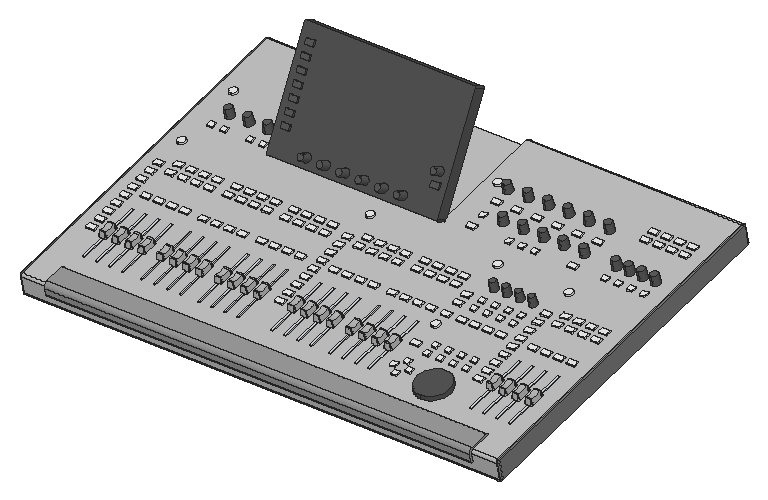
Revit family "Wing", category Communication Devices, Revit 2020 (continued)
Forms (mm)
  Blend 194, solid, material "Aluminium, Black"
    base sketch origin (533.97, 26.016, 138.436) x (0, -0.970299, -0.24191) y (1, 0, 0)
      loop
        circle (-154.61, -374.215) r 7.737
    top sketch origin (533.97, 26.016, 138.436) x (0, -0.970299, -0.24191) y (1, 0, 0)
      loop
        circle (-154.61, -374.215) r 6.534
    from 1 to 16.5
  Blend 195, solid, material "Aluminium, Black"
    base sketch origin (570.81, 26.016, 138.436) x (0, -0.970299, -0.24191) y (1, 0, 0)
      loop
        circle (-154.61, -374.215) r 7.737
    top sketch origin (570.81, 26.016, 138.436) x (0, -0.970299, -0.24191) y (1, 0, 0)
      loop
        circle (-154.61, -374.215) r 6.534
    from 1 to 16.5
  Blend 196, solid, material "Aluminium, Black"
    base sketch origin (607.65, 26.016, 138.436) x (0, -0.970299, -0.24191) y (1, 0, 0)
      loop
        circle (-154.61, -374.215) r 7.737
    top sketch origin (607.65, 26.016, 138.436) x (0, -0.970299, -0.24191) y (1, 0, 0)
      loop
        circle (-154.61, -374.215) r 6.534
    from 1 to 16.5
  Blend 197, solid, material "Aluminium, Black"
    base sketch origin (460.29, 26.016, 138.436) x (0, -0.970299, -0.24191) y (1, 0, 0)
      loop
        circle (-154.61, -374.215) r 7.737
    top sketch origin (460.29, 26.016, 138.436) x (0, -0.970299, -0.24191) y (1, 0, 0)
      loop
        circle (-154.61, -374.215) r 6.534
    from 1 to 16.5
  Blend 198, solid, material "Aluminium, Black"
    base sketch origin (644.49, -30.972, 124.228) x (0, -0.970299, -0.24191) y (1, 0, 0)
      loop
        circle (-154.61, -374.215) r 7.737
    top sketch origin (644.49, -30.972, 124.228) x (0, -0.970299, -0.24191) y (1, 0, 0)
      loop
        circle (-154.61, -374.215) r 6.534
    from 1 to 16.5
  Blend 199, solid, material "Aluminium, Black"
    base sketch origin (644.49, 26.016, 138.436) x (0, -0.970299, -0.24191) y (1, 0, 0)
      loop
        circle (-154.61, -374.215) r 7.737
    top sketch origin (644.49, 26.016, 138.436) x (0, -0.970299, -0.24191) y (1, 0, 0)
      loop
        circle (-154.61, -374.215) r 6.534
    from 1 to 16.5
  Blend 200, solid, material "Aluminium, Black"
    base sketch origin (703.076, -30.972, 124.228) x (0, -0.970299, -0.24191) y (1, 0, 0)
      loop
        circle (-154.61, -374.215) r 7.737
    top sketch origin (703.076, -30.972, 124.228) x (0, -0.970299, -0.24191) y (1, 0, 0)
      loop
        circle (-154.61, -374.215) r 6.534
    from 1 to 16.5
  Blend 201, solid, material "Aluminium, Black"
    base sketch origin (726.595, -30.972, 124.228) x (0, -0.970299, -0.24191) y (1, 0, 0)
      loop
        circle (-154.61, -374.215) r 7.737
    top sketch origin (726.595, -30.972, 124.228) x (0, -0.970299, -0.24191) y (1, 0, 0)
      loop
        circle (-154.61, -374.215) r 6.534
    from 1 to 16.5
  Blend 202, solid, material "Aluminium, Black"
    base sketch origin (750.113, -30.972, 124.228) x (0, -0.970299, -0.24191) y (1, 0, 0)
      loop
        circle (-154.61, -374.215) r 7.737
    top sketch origin (750.113, -30.972, 124.228) x (0, -0.970299, -0.24191) y (1, 0, 0)
      loop
        circle (-154.61, -374.215) r 6.534
    from 1 to 16.5
  Blend 203, solid, material "Aluminium, Black"
    base sketch origin (773.632, -30.972, 124.228) x (0, -0.970299, -0.24191) y (1, 0, 0)
      loop
        circle (-154.61, -374.215) r 7.737
    top sketch origin (773.632, -30.972, 124.228) x (0, -0.970299, -0.24191) y (1, 0, 0)
      loop
        circle (-154.61, -374.215) r 6.534
    from 1 to 16.5
  Blend 204, solid, material "Aluminium, Black"
    base sketch origin (644.575, -148.488, 94.93) x (0, -0.970299, -0.24191) y (1, 0, 0)
      loop
        circle (-154.61, -374.215) r 6.7
    top sketch origin (644.575, -148.488, 94.93) x (0, -0.970299, -0.24191) y (1, 0, 0)
      loop
        circle (-154.61, -374.215) r 5.6
    from 1 to 16.5
  Blend 205, solid, material "Aluminium, Black"
    base sketch origin (621.056, -148.488, 94.93) x (0, -0.970299, -0.24191) y (1, 0, 0)
      loop
        circle (-154.61, -374.215) r 6.7
    top sketch origin (621.056, -148.488, 94.93) x (0, -0.970299, -0.24191) y (1, 0, 0)
      loop
        circle (-154.61, -374.215) r 5.6
    from 1 to 16.5
  Blend 206, solid, material "Aluminium, Black"
    base sketch origin (597.538, -148.488, 94.93) x (0, -0.970299, -0.24191) y (1, 0, 0)
      loop
        circle (-154.61, -374.215) r 6.7
    top sketch origin (597.538, -148.488, 94.93) x (0, -0.970299, -0.24191) y (1, 0, 0)
      loop
        circle (-154.61, -374.215) r 5.6
    from 1 to 16.5
  Blend 207, solid, material "Aluminium, Black"
    base sketch origin (574.019, -148.488, 94.93) x (0, -0.970299, -0.24191) y (1, 0, 0)
      loop
        circle (-154.61, -374.215) r 6.7
    top sketch origin (574.019, -148.488, 94.93) x (0, -0.970299, -0.24191) y (1, 0, 0)
      loop
        circle (-154.61, -374.215) r 5.6
    from 1 to 16.5
  Extrusion 208, solid, material "LED, White, Off"
    sketch origin (731.631, 111.518, 159.753) x (0, -0.970299, -0.24191) y (1, 0, 0)
      loop
        line (136.261, -409.214) -> (136.261, -395.979)
        arc (136.261, -395.979) -> (136.027, -395.414) -> (135.461, -395.179) r 0.8
        line (135.461, -395.179) -> (127.386, -395.179)
        arc (127.386, -395.179) -> (126.82, -395.414) -> (126.586, -395.979) r 0.8
        line (126.586, -395.979) -> (126.586, -409.214)
        arc (126.586, -409.214) -> (126.82, -409.78) -> (127.386, -410.014) r 0.8
        line (127.386, -410.014) -> (135.461, -410.014)
        arc (135.461, -410.014) -> (136.027, -409.78) -> (136.261, -409.214) r 0.8
    from 0 to 2
  Extrusion 209, solid, material "LED, White, Off"
    sketch origin (731.631, 130.507, 164.487) x (0, -0.970299, -0.24191) y (1, 0, 0)
      loop
        line (136.261, -409.214) -> (136.261, -395.979)
        arc (136.261, -395.979) -> (136.027, -395.414) -> (135.461, -395.179) r 0.8
        line (135.461, -395.179) -> (127.386, -395.179)
        arc (127.386, -395.179) -> (126.82, -395.414) -> (126.586, -395.979) r 0.8
        line (126.586, -395.979) -> (126.586, -409.214)
        arc (126.586, -409.214) -> (126.82, -409.78) -> (127.386, -410.014) r 0.8
        line (127.386, -410.014) -> (135.461, -410.014)
        arc (135.461, -410.014) -> (136.027, -409.78) -> (136.261, -409.214) r 0.8
    from 0 to 2
  Extrusion 210, solid, material "LED, White, Off"
    sketch origin (755.149, 111.518, 159.753) x (0, -0.970299, -0.24191) y (1, 0, 0)
      loop
        line (136.261, -409.214) -> (136.261, -395.979)
        arc (136.261, -395.979) -> (136.027, -395.414) -> (135.461, -395.179) r 0.8
        line (135.461, -395.179) -> (127.386, -395.179)
        arc (127.386, -395.179) -> (126.82, -395.414) -> (126.586, -395.979) r 0.8
        line (126.586, -395.979) -> (126.586, -409.214)
        arc (126.586, -409.214) -> (126.82, -409.78) -> (127.386, -410.014) r 0.8
        line (127.386, -410.014) -> (135.461, -410.014)
        arc (135.461, -410.014) -> (136.027, -409.78) -> (136.261, -409.214) r 0.8
    from 0 to 2
  Extrusion 211, solid, material "LED, White, Off"
    sketch origin (755.149, 130.507, 164.487) x (0, -0.970299, -0.24191) y (1, 0, 0)
      loop
        line (136.261, -409.214) -> (136.261, -395.979)
        arc (136.261, -395.979) -> (136.027, -395.414) -> (135.461, -395.179) r 0.8
        line (135.461, -395.179) -> (127.386, -395.179)
        arc (127.386, -395.179) -> (126.82, -395.414) -> (126.586, -395.979) r 0.8
        line (126.586, -395.979) -> (126.586, -409.214)
        arc (126.586, -409.214) -> (126.82, -409.78) -> (127.386, -410.014) r 0.8
        line (127.386, -410.014) -> (135.461, -410.014)
        arc (135.461, -410.014) -> (136.027, -409.78) -> (136.261, -409.214) r 0.8
    from 0 to 2
  Extrusion 212, solid, material "LED, White, Off"
    sketch origin (778.668, 111.518, 159.753) x (0, -0.970299, -0.24191) y (1, 0, 0)
      loop
        line (136.261, -409.214) -> (136.261, -395.979)
        arc (136.261, -395.979) -> (136.027, -395.414) -> (135.461, -395.179) r 0.8
        line (135.461, -395.179) -> (127.386, -395.179)
        arc (127.386, -395.179) -> (126.82, -395.414) -> (126.586, -395.979) r 0.8
        line (126.586, -395.979) -> (126.586, -409.214)
        arc (126.586, -409.214) -> (126.82, -409.78) -> (127.386, -410.014) r 0.8
        line (127.386, -410.014) -> (135.461, -410.014)
        arc (135.461, -410.014) -> (136.027, -409.78) -> (136.261, -409.214) r 0.8
    from 0 to 2
  Extrusion 213, solid, material "LED, White, Off"
    sketch origin (778.668, 130.507, 164.487) x (0, -0.970299, -0.24191) y (1, 0, 0)
      loop
        line (136.261, -409.214) -> (136.261, -395.979)
        arc (136.261, -395.979) -> (136.027, -395.414) -> (135.461, -395.179) r 0.8
        line (135.461, -395.179) -> (127.386, -395.179)
        arc (127.386, -395.179) -> (126.82, -395.414) -> (126.586, -395.979) r 0.8
        line (126.586, -395.979) -> (126.586, -409.214)
        arc (126.586, -409.214) -> (126.82, -409.78) -> (127.386, -410.014) r 0.8
        line (127.386, -410.014) -> (135.461, -410.014)
        arc (135.461, -410.014) -> (136.027, -409.78) -> (136.261, -409.214) r 0.8
    from 0 to 2
  Extrusion 214, solid, material "LED, White, Off"
    sketch origin (802.187, 111.518, 159.753) x (0, -0.970299, -0.24191) y (1, 0, 0)
      loop
        line (136.261, -409.214) -> (136.261, -395.979)
        arc (136.261, -395.979) -> (136.027, -395.414) -> (135.461, -395.179) r 0.8
        line (135.461, -395.179) -> (127.386, -395.179)
        arc (127.386, -395.179) -> (126.82, -395.414) -> (126.586, -395.979) r 0.8
        line (126.586, -395.979) -> (126.586, -409.214)
        arc (126.586, -409.214) -> (126.82, -409.78) -> (127.386, -410.014) r 0.8
        line (127.386, -410.014) -> (135.461, -410.014)
        arc (135.461, -410.014) -> (136.027, -409.78) -> (136.261, -409.214) r 0.8
    from 0 to 2
  Extrusion 215, solid, material "LED, White, Off"
    sketch origin (802.187, 130.507, 164.487) x (0, -0.970299, -0.24191) y (1, 0, 0)
      loop
        line (136.261, -409.214) -> (136.261, -395.979)
        arc (136.261, -395.979) -> (136.027, -395.414) -> (135.461, -395.179) r 0.8
        line (135.461, -395.179) -> (127.386, -395.179)
        arc (127.386, -395.179) -> (126.82, -395.414) -> (126.586, -395.979) r 0.8
        line (126.586, -395.979) -> (126.586, -409.214)
        arc (126.586, -409.214) -> (126.82, -409.78) -> (127.386, -410.014) r 0.8
        line (127.386, -410.014) -> (135.461, -410.014)
        arc (135.461, -410.014) -> (136.027, -409.78) -> (136.261, -409.214) r 0.8
    from 0 to 2
  Extrusion 216, void
    sketch origin (0, 223.328, 0) x (0, 0, 1) y (1, 0, 0)
      loop
        circle (121.426, 221.81) r 11.2
    from 0 to -16
  Extrusion 217, void
    sketch origin (-158.823, 223.328, -78.857) x (0, 0, 1) y (1, 0, 0)
      loop
        circle (121.426, 221.81) r 11.2
    from 0 to -16
  Extrusion 218, void
    sketch origin (-74.281, 223.328, -38.655) x (0, 0, 1) y (1, 0, 0)
      loop
        circle (121.426, 221.81) r 11.2
    from 0 to -16
  Extrusion 219, void
    sketch origin (-273.744, 223.328, -38.655) x (0, 0, 1) y (1, 0, 0)
      loop
        circle (121.426, 221.81) r 11.2
    from 0 to -16
  Extrusion 220, void
    sketch origin (-188.956, 223.328, -78.885) x (0, 0, 1) y (1, 0, 0)
      loop
        circle (121.426, 221.81) r 11.2
    from 0 to -16
  Extrusion 221, void
    sketch origin (-219.172, 223.328, -78.707) x (0, 0, 1) y (1, 0, 0)
      loop
        circle (121.426, 221.81) r 11.2
    from 0 to -16
  Extrusion 222, void
    sketch origin (-248.413, 223.328, -78.914) x (0, 0, 1) y (1, 0, 0)
      loop
        circle (121.426, 221.81) r 11.2
    from 0 to -16
  Extrusion 223, void
    sketch origin (-276.208, 223.328, -78.621) x (0, 0, 1) y (1, 0, 0)
      loop
        circle (121.426, 221.81) r 11.2
    from 0 to -16
  Extrusion 224, void
    sketch origin (-304.245, 223.328, -78.798) x (0, 0, 1) y (1, 0, 0)
      loop
        circle (121.426, 221.81) r 11.2
    from 0 to -16
  Extrusion 225, void
    sketch origin (0, 223.328, 0) x (0, 0, 1) y (1, 0, 0)
      loop
        line (51.479, 208.34) -> (26.479, 208.34) -> (26.479, 170.175) -> (51.479, 170.175) -> (51.479, 208.34)
    from 0 to -20
  Extrusion 226, void
    sketch origin (-243.218, 223.328, -38.849) x (0, 0, 1) y (1, 0, 0)
      loop
        circle (121.426, 221.81) r 11.2
    from 0 to -16
  Extrusion 227, void
    sketch origin (-442.681, 223.328, -38.849) x (0, 0, 1) y (1, 0, 0)
      loop
        circle (121.426, 221.81) r 11.2
    from 0 to -16
  Extrusion 228, void
    sketch origin (-98.415, 223.328, -38.683) x (0, 0, 1) y (1, 0, 0)
      loop
        circle (121.426, 221.81) r 11.2
    from 0 to -16
  Extrusion 229, void
    sketch origin (-297.878, 223.328, -38.683) x (0, 0, 1) y (1, 0, 0)
      loop
        circle (121.426, 221.81) r 11.2
    from 0 to -16
  Extrusion 230, void
    sketch origin (-122.549, 223.328, -38.71) x (0, 0, 1) y (1, 0, 0)
      loop
        circle (121.426, 221.81) r 11.2
    from 0 to -16
  Extrusion 231, void
    sketch origin (-322.011, 223.328, -38.71) x (0, 0, 1) y (1, 0, 0)
      loop
        circle (121.426, 221.81) r 11.2
    from 0 to -16
  Extrusion 232, void
    sketch origin (-146.683, 223.328, -38.738) x (0, 0, 1) y (1, 0, 0)
      loop
        circle (121.426, 221.81) r 11.2
    from 0 to -16
  Extrusion 233, void
    sketch origin (-346.145, 223.328, -38.738) x (0, 0, 1) y (1, 0, 0)
      loop
        circle (121.426, 221.81) r 11.2
    from 0 to -16
  Extrusion 234, void
    sketch origin (-170.817, 223.328, -38.766) x (0, 0, 1) y (1, 0, 0)
      loop
        circle (121.426, 221.81) r 11.2
    from 0 to -16
  Extrusion 235, void
    sketch origin (-370.279, 223.328, -38.766) x (0, 0, 1) y (1, 0, 0)
      loop
        circle (121.426, 221.81) r 11.2
    from 0 to -16
  Extrusion 236, void
    sketch origin (-194.95, 223.328, -38.794) x (0, 0, 1) y (1, 0, 0)
      loop
        circle (121.426, 221.81) r 11.2
    from 0 to -16
  Extrusion 237, void
    sketch origin (-394.413, 223.328, -38.794) x (0, 0, 1) y (1, 0, 0)
      loop
        circle (121.426, 221.81) r 11.2
    from 0 to -16
  Extrusion 238, void
    sketch origin (-219.084, 223.328, -38.822) x (0, 0, 1) y (1, 0, 0)
      loop
        circle (121.426, 221.81) r 11.2
    from 0 to -16
  Extrusion 239, void
    sketch origin (-418.547, 223.328, -38.822) x (0, 0, 1) y (1, 0, 0)
      loop
        circle (121.426, 221.81) r 11.2
    from 0 to -16
  Extrusion 240, solid, material "ABS - Black"
    sketch origin (0, 487.235, 0) x (1, 0, 0) y (0, 1, 0)
      loop
        circle (197.741, -644.061) r 22.711
    from 0 to 16.351
  Extrusion 241, solid, material "ABS - Black"
    sketch origin (0, 815.912, 0) x (1, 0, 0) y (0, 1, 0)
      loop
        circle (197.741, -644.061) r 22.711
    from 0 to 16.351
  Extrusion 242, solid, material "ABS - Black"
    sketch origin (0, 487.235, 0) x (-1, 0, 0) y (0, -1, 0)
      loop
        circle (197.741, 644.061) r 22.711
    from 0 to 16.351
  Extrusion 243, solid, material "ABS - Black"
    sketch origin (0, 815.912, 0) x (-1, 0, 0) y (0, -1, 0)
      loop
        circle (197.741, 644.061) r 22.711
    from 0 to 16.351
Cuts and joins
  Extrusion 6 cuts Extrusion 1
  Extrusion 216, Extrusion 217, Extrusion 218, Extrusion 219, Extrusion 220, Extrusion 221, Extrusion 222, Extrusion 223, Extrusion 224, Extrusion 225, Extrusion 226, Extrusion 227, Extrusion 228, Extrusion 229, Extrusion 230, Extrusion 231, Extrusion 232, Extrusion 233, Extrusion 234, Extrusion 235, Extrusion 236, Extrusion 237, Extrusion 238, Extrusion 239 cuts Extrusion 4
Lines and regions (mm)
  Split face 1
    outline origin (432, 273.595, 200.161) x (-1, 0, 0) y (0, -0.970299, -0.24191)
      loop
        line (784.493, 125.678) -> (784.493, 127.239) -> (774.493, 127.239) -> (774.493, 125.678) -> (784.493, 125.678)
  Split face 2
    outline origin (432, 273.595, 200.161) x (-1, 0, 0) y (0, -0.970299, -0.24191)
      loop
        arc (785.607, 122.244) -> (787.163, 122.888) -> (787.807, 124.444) r 2.2
        line (787.807, 124.444) -> (787.807, 129.715)
        arc (787.807, 129.715) -> (787.163, 131.27) -> (785.607, 131.915) r 2.2
        line (785.607, 131.915) -> (773.348, 131.915)
        arc (773.348, 131.915) -> (771.793, 131.27) -> (771.148, 129.715) r 2.2
        line (771.148, 129.715) -> (771.148, 124.401)
        arc (771.148, 124.401) -> (771.78, 122.876) -> (773.306, 122.244) r 2.158
        line (773.306, 122.244) -> (785.607, 122.244)
  Split face 3
    outline origin (432, 273.595, 200.161) x (-1, 0, 0) y (0, -0.970299, -0.24191)
      loop
        arc (818.802, 218.052) -> (819.586, 218.377) -> (819.911, 219.161) r 1.109
        line (819.911, 219.161) -> (819.911, 253.147)
        arc (819.911, 253.147) -> (819.589, 253.925) -> (818.811, 254.247) r 1.1
        line (818.811, 254.247) -> (722.897, 254.247)
        arc (722.897, 254.247) -> (722.119, 253.925) -> (721.797, 253.147) r 1.1
        line (721.797, 253.147) -> (721.797, 219.152)
        arc (721.797, 219.152) -> (722.119, 218.374) -> (722.897, 218.052) r 1.1
        line (722.897, 218.052) -> (818.802, 218.052)
  Split face 4
    outline origin (432, 273.595, 200.161) x (-1, 0, 0) y (0, -0.970299, -0.24191)
      loop
        arc (713.802, 218.052) -> (714.586, 218.377) -> (714.911, 219.161) r 1.109
        line (714.911, 219.161) -> (714.911, 253.147)
        arc (714.911, 253.147) -> (714.589, 253.925) -> (713.811, 254.247) r 1.1
        line (713.811, 254.247) -> (617.897, 254.247)
        arc (617.897, 254.247) -> (617.119, 253.925) -> (616.797, 253.147) r 1.1
        line (616.797, 253.147) -> (616.797, 219.152)
        arc (616.797, 219.152) -> (617.119, 218.374) -> (617.897, 218.052) r 1.1
        line (617.897, 218.052) -> (713.802, 218.052)
  Split face 5
    outline origin (432, 273.595, 200.161) x (-1, 0, 0) y (0, -0.970299, -0.24191)
      loop
        arc (609.252, 218.052) -> (610.037, 218.377) -> (610.362, 219.161) r 1.109
        line (610.362, 219.161) -> (610.362, 253.147)
        arc (610.362, 253.147) -> (610.039, 253.925) -> (609.262, 254.247) r 1.1
        line (609.262, 254.247) -> (513.348, 254.247)
        arc (513.348, 254.247) -> (512.57, 253.925) -> (512.248, 253.147) r 1.1
        line (512.248, 253.147) -> (512.248, 219.152)
        arc (512.248, 219.152) -> (512.57, 218.374) -> (513.348, 218.052) r 1.1
        line (513.348, 218.052) -> (609.252, 218.052)
  Split face 6
    outline origin (432, 273.595, 200.161) x (-1, 0, 0) y (0, -0.970299, -0.24191)
      loop
        arc (476.631, 218.052) -> (477.416, 218.377) -> (477.741, 219.161) r 1.109
        line (477.741, 219.161) -> (477.741, 253.147)
        arc (477.741, 253.147) -> (477.418, 253.925) -> (476.641, 254.247) r 1.1
        line (476.641, 254.247) -> (380.727, 254.247)
        arc (380.727, 254.247) -> (379.949, 253.925) -> (379.627, 253.147) r 1.1
        line (379.627, 253.147) -> (379.627, 219.152)
        arc (379.627, 219.152) -> (379.949, 218.374) -> (380.727, 218.052) r 1.1
        line (380.727, 218.052) -> (476.631, 218.052)
  Split face 7
    outline origin (432, 273.595, 200.161) x (-1, 0, 0) y (0, -0.970299, -0.24191)
      loop
        arc (371.841, 218.052) -> (372.626, 218.377) -> (372.951, 219.161) r 1.109
        line (372.951, 219.161) -> (372.951, 253.147)
        arc (372.951, 253.147) -> (372.628, 253.925) -> (371.851, 254.247) r 1.1
        line (371.851, 254.247) -> (275.937, 254.247)
        arc (275.937, 254.247) -> (275.159, 253.925) -> (274.837, 253.147) r 1.1
        line (274.837, 253.147) -> (274.837, 219.152)
        arc (274.837, 219.152) -> (275.159, 218.374) -> (275.937, 218.052) r 1.1
        line (275.937, 218.052) -> (371.841, 218.052)
  Split face 8
    outline origin (432, 273.595, 200.161) x (-1, 0, 0) y (0, -0.970299, -0.24191)
      loop
        arc (244.903, 218.052) -> (245.687, 218.377) -> (246.012, 219.161) r 1.109
        line (246.012, 219.161) -> (246.012, 253.147)
        arc (246.012, 253.147) -> (245.69, 253.925) -> (244.912, 254.247) r 1.1
        line (244.912, 254.247) -> (148.998, 254.247)
        arc (148.998, 254.247) -> (148.221, 253.925) -> (147.898, 253.147) r 1.1
        line (147.898, 253.147) -> (147.898, 219.152)
        arc (147.898, 219.152) -> (148.221, 218.374) -> (148.998, 218.052) r 1.1
        line (148.998, 218.052) -> (244.903, 218.052)
  Split face 9
    outline origin (432, 273.595, 200.161) x (-1, 0, 0) y (0, -0.970299, -0.24191)
      loop
        arc (115.64, 218.052) -> (116.424, 218.377) -> (116.749, 219.161) r 1.109
        line (116.749, 219.161) -> (116.749, 253.147)
        arc (116.749, 253.147) -> (116.427, 253.925) -> (115.649, 254.247) r 1.1
        line (115.649, 254.247) -> (19.736, 254.247)
        arc (19.736, 254.247) -> (18.958, 253.925) -> (18.636, 253.147) r 1.1
        line (18.636, 253.147) -> (18.636, 219.152)
        arc (18.636, 219.152) -> (18.958, 218.374) -> (19.736, 218.052) r 1.1
        line (19.736, 218.052) -> (115.64, 218.052)
  Split face 10
    outline origin (432, 273.595, 200.161) x (-1, 0, 0) y (0, -0.970299, -0.24191)
      loop
        arc (115.373, 110.964) -> (116.157, 111.289) -> (116.482, 112.074) r 1.109
        line (116.482, 112.074) -> (116.482, 132.963)
        arc (116.482, 132.963) -> (116.16, 133.741) -> (115.382, 134.063) r 1.1
        line (115.382, 134.063) -> (19.468, 134.063)
        arc (19.468, 134.063) -> (18.69, 133.741) -> (18.368, 132.963) r 1.1
        line (18.368, 132.963) -> (18.368, 112.064)
        arc (18.368, 112.064) -> (18.69, 111.287) -> (19.468, 110.964) r 1.1
        line (19.468, 110.964) -> (115.373, 110.964)
  Split face 11
    outline origin (432, 273.595, 200.161) x (-1, 0, 0) y (0, -0.970299, -0.24191)
      loop
        arc (381.531, 34.489) -> (382.316, 34.814) -> (382.641, 35.598) r 1.109
        line (382.641, 35.598) -> (382.641, 77.639)
        arc (382.641, 77.639) -> (382.318, 78.416) -> (381.541, 78.739) r 1.1
        line (381.541, 78.739) -> (148.148, 78.739)
        arc (148.148, 78.739) -> (147.371, 78.416) -> (147.048, 77.639) r 1.1
        line (147.048, 77.639) -> (147.048, 35.589)
        arc (147.048, 35.589) -> (147.371, 34.811) -> (148.148, 34.489) r 1.1
        line (148.148, 34.489) -> (381.531, 34.489)
  Split face 12
    outline origin (432, 273.595, 200.161) x (-1, 0, 0) y (0, -0.970299, -0.24191)
      loop
        arc (814.562, 310.164) -> (815.346, 310.489) -> (815.671, 311.273) r 1.109
        line (815.671, 311.273) -> (815.671, 342.612)
        arc (815.671, 342.612) -> (815.349, 343.39) -> (814.571, 343.712) r 1.1
        line (814.571, 343.712) -> (727.136, 343.712)
        arc (727.136, 343.712) -> (726.359, 343.39) -> (726.036, 342.612) r 1.1
        line (726.036, 342.612) -> (726.036, 311.264)
        arc (726.036, 311.264) -> (726.359, 310.486) -> (727.136, 310.164) r 1.1
        line (727.136, 310.164) -> (814.562, 310.164)
  Split face 13
    outline origin (432, 273.595, 200.161) x (-1, 0, 0) y (0, -0.970299, -0.24191)
      loop
        arc (709.786, 310.164) -> (710.571, 310.489) -> (710.896, 311.273) r 1.109
        line (710.896, 311.273) -> (710.896, 342.612)
        arc (710.896, 342.612) -> (710.574, 343.39) -> (709.796, 343.712) r 1.1
        line (709.796, 343.712) -> (622.361, 343.712)
        arc (622.361, 343.712) -> (621.583, 343.39) -> (621.261, 342.612) r 1.1
        line (621.261, 342.612) -> (621.261, 311.264)
        arc (621.261, 311.264) -> (621.583, 310.486) -> (622.361, 310.164) r 1.1
        line (622.361, 310.164) -> (709.786, 310.164)
  Split face 14
    outline origin (432, 273.595, 200.161) x (-1, 0, 0) y (0, -0.970299, -0.24191)
      loop
        arc (605.096, 310.164) -> (605.88, 310.489) -> (606.205, 311.273) r 1.109
        line (606.205, 311.273) -> (606.205, 342.612)
        arc (606.205, 342.612) -> (605.883, 343.39) -> (605.105, 343.712) r 1.1
        line (605.105, 343.712) -> (517.671, 343.712)
        arc (517.671, 343.712) -> (516.893, 343.39) -> (516.571, 342.612) r 1.1
        line (516.571, 342.612) -> (516.571, 311.264)
        arc (516.571, 311.264) -> (516.893, 310.486) -> (517.671, 310.164) r 1.1
        line (517.671, 310.164) -> (605.096, 310.164)
  Split face 15
    outline origin (432, 273.595, 200.161) x (-1, 0, 0) y (0, -0.970299, -0.24191)
      loop
        arc (472.342, 310.164) -> (473.126, 310.489) -> (473.451, 311.273) r 1.109
        line (473.451, 311.273) -> (473.451, 342.612)
        arc (473.451, 342.612) -> (473.129, 343.39) -> (472.351, 343.712) r 1.1
        line (472.351, 343.712) -> (384.917, 343.712)
        arc (384.917, 343.712) -> (384.139, 343.39) -> (383.817, 342.612) r 1.1
        line (383.817, 342.612) -> (383.817, 311.264)
        arc (383.817, 311.264) -> (384.139, 310.486) -> (384.917, 310.164) r 1.1
        line (384.917, 310.164) -> (472.342, 310.164)
  Split face 16
    outline origin (432, 273.595, 200.161) x (-1, 0, 0) y (0, -0.970299, -0.24191)
      loop
        arc (367.298, 310.164) -> (368.083, 310.489) -> (368.408, 311.273) r 1.109
        line (368.408, 311.273) -> (368.408, 342.612)
        arc (368.408, 342.612) -> (368.085, 343.39) -> (367.308, 343.712) r 1.1
        line (367.308, 343.712) -> (279.873, 343.712)
        arc (279.873, 343.712) -> (279.095, 343.39) -> (278.773, 342.612) r 1.1
        line (278.773, 342.612) -> (278.773, 311.264)
        arc (278.773, 311.264) -> (279.095, 310.486) -> (279.873, 310.164) r 1.1
        line (279.873, 310.164) -> (367.298, 310.164)
  Split face 17
    outline origin (432, 273.595, 200.161) x (-1, 0, 0) y (0, -0.970299, -0.24191)
      loop
        arc (111.138, 310.164) -> (111.922, 310.489) -> (112.247, 311.273) r 1.109
        line (112.247, 311.273) -> (112.247, 342.612)
        arc (112.247, 342.612) -> (111.925, 343.39) -> (111.147, 343.712) r 1.1
        line (111.147, 343.712) -> (23.712, 343.712)
        arc (23.712, 343.712) -> (22.935, 343.39) -> (22.612, 342.612) r 1.1
        line (22.612, 342.612) -> (22.612, 311.264)
        arc (22.612, 311.264) -> (22.935, 310.486) -> (23.712, 310.164) r 1.1
        line (23.712, 310.164) -> (111.138, 310.164)
  Split face 18
    outline origin (432, 273.595, 200.161) x (-1, 0, 0) y (0, -0.970299, -0.24191)
      loop
        arc (244.903, 369.761) -> (245.687, 370.086) -> (246.012, 370.871) r 1.109
        line (246.012, 370.871) -> (246.012, 391.712)
        arc (246.012, 391.712) -> (245.69, 392.49) -> (244.912, 392.812) r 1.1
        line (244.912, 392.812) -> (148.998, 392.812)
        arc (148.998, 392.812) -> (148.221, 392.49) -> (147.898, 391.712) r 1.1
        line (147.898, 391.712) -> (147.898, 370.861)
        arc (147.898, 370.861) -> (148.221, 370.084) -> (148.998, 369.761) r 1.1
        line (148.998, 369.761) -> (244.903, 369.761)
  Split face 19
    outline origin (432, 273.595, 200.161) x (-1, 0, 0) y (0, -0.970299, -0.24191)
      loop
        arc (268.35, 260.505) -> (269.128, 260.827) -> (269.45, 261.605) r 1.1
        line (269.45, 261.605) -> (269.45, 273.784)
        arc (269.45, 273.784) -> (269.128, 274.561) -> (268.35, 274.884) r 1.1
        line (268.35, 274.884) -> (252.596, 274.884)
        arc (252.596, 274.884) -> (251.819, 274.561) -> (251.496, 273.784) r 1.1
        line (251.496, 273.784) -> (251.496, 261.605)
        arc (251.496, 261.605) -> (251.819, 260.827) -> (252.596, 260.505) r 1.1
        line (252.596, 260.505) -> (268.35, 260.505)
  Split face 20
    outline origin (432, 273.595, 200.161) x (-1, 0, 0) y (0, -0.970299, -0.24191)
      loop
        arc (321.583, 183.106) -> (322.361, 183.428) -> (322.683, 184.206) r 1.1
        line (322.683, 184.206) -> (322.683, 190.396)
        arc (322.683, 190.396) -> (322.361, 191.174) -> (321.583, 191.496) r 1.1
        line (321.583, 191.496) -> (296.529, 191.496)
        arc (296.529, 191.496) -> (295.751, 191.174) -> (295.429, 190.396) r 1.1
        line (295.429, 190.396) -> (295.429, 184.206)
        arc (295.429, 184.206) -> (295.751, 183.428) -> (296.529, 183.106) r 1.1
        line (296.529, 183.106) -> (321.583, 183.106)
  Split face 21
    outline origin (432, 273.595, 200.161) x (-1, 0, 0) y (0, -0.970299, -0.24191)
      loop
        arc (211.001, 183.106) -> (211.778, 183.428) -> (212.101, 184.206) r 1.1
        line (212.101, 184.206) -> (212.101, 190.396)
        arc (212.101, 190.396) -> (211.778, 191.174) -> (211.001, 191.496) r 1.1
        line (211.001, 191.496) -> (185.946, 191.496)
        arc (185.946, 191.496) -> (185.168, 191.174) -> (184.846, 190.396) r 1.1
        line (184.846, 190.396) -> (184.846, 184.206)
        arc (184.846, 184.206) -> (185.168, 183.428) -> (185.946, 183.106) r 1.1
        line (185.946, 183.106) -> (211.001, 183.106)
  Split face 22
    outline origin (240, 223.328, 18.352) x (-1, 0, 0) y (0, 0, 1)
      loop
        line (41.049, 68.253) -> (38.019, 68.253) -> (38.019, 69.768)
        arc (38.019, 69.768) -> (39.534, 58.627) -> (41.049, 69.768) r 5.674
        line (41.049, 69.768) -> (41.049, 68.253)
  Split face 23
    outline origin (240, 223.328, 18.352) x (-1, 0, 0) y (0, 0, 1)
      loop
        line (66.74, 68.253) -> (63.71, 68.253) -> (63.71, 69.768)
        arc (63.71, 69.768) -> (65.225, 58.627) -> (66.74, 69.768) r 5.674
        line (66.74, 69.768) -> (66.74, 68.253)
  Split face 24
    outline origin (240, 223.328, 18.352) x (-1, 0, 0) y (0, 0, 1)
      loop
        circle (39.534, 64.3) r 6.9
  Split face 25
    outline origin (240, 223.328, 18.352) x (-1, 0, 0) y (0, 0, 1)
      loop
        circle (65.225, 64.3) r 6.906
  Split face 26
    outline origin (240, 223.328, 18.352) x (-1, 0, 0) y (0, 0, 1)
      loop
        line (402.601, 11.554) -> (402.601, 15.236) -> (374.181, 15.236) -> (374.181, 11.554) -> (402.601, 11.554)
  Split face 27
    outline origin (240, 223.328, 18.352) x (-1, 0, 0) y (0, 0, 1)
      loop
        line (443.797, 11.554) -> (443.797, 15.236) -> (415.378, 15.236) -> (415.378, 11.554) -> (443.797, 11.554)
  model lines
    curve 1: line (-409.054, -152.438, 93.945) -> (-396.165, -152.438, 93.945)
    curve 2: line (-411.228, -162.414, 91.458) -> (-411.228, -154.548, 93.419)
    curve 3: line (-396.165, -164.548, 90.926) -> (-409.028, -164.548, 90.926)
    curve 4: line (-393.965, -154.573, 93.413) -> (-393.965, -162.414, 91.458)
    curve 5: arc (-411.228, -154.548, 93.419) -> (-410.592, -153.056, 93.791) -> (-409.054, -152.438, 93.945) r 2.174
    curve 6: arc (-396.165, -152.438, 93.945) -> (-394.61, -153.063, 93.789) -> (-393.965, -154.573, 93.413) r 2.2
    curve 7: arc (-393.965, -162.414, 91.458) -> (-394.61, -163.923, 91.081) -> (-396.165, -164.548, 90.926) r 2.2
    curve 8: arc (-409.028, -164.548, 90.926) -> (-410.584, -163.923, 91.081) -> (-411.228, -162.414, 91.458) r 2.2
    curve 9: line (-409.054, -0.522, 131.82) -> (-396.165, -0.522, 131.82)
    curve 10: line (-411.228, -10.498, 129.333) -> (-411.228, -2.631, 131.294)
    curve 11: line (-396.165, -12.632, 128.8) -> (-409.028, -12.632, 128.8)
    curve 12: line (-393.965, -2.656, 131.288) -> (-393.965, -10.498, 129.333)
    curve 13: arc (-411.228, -2.631, 131.294) -> (-410.592, -1.14, 131.666) -> (-409.054, -0.522, 131.82) r 2.174
    curve 14: arc (-396.165, -0.522, 131.82) -> (-394.61, -1.147, 131.664) -> (-393.965, -2.656, 131.288) r 2.2
    curve 15: arc (-393.965, -10.498, 129.333) -> (-394.61, -12.007, 128.956) -> (-396.165, -12.632, 128.8) r 2.2
    curve 16: arc (-409.028, -12.632, 128.8) -> (-410.584, -12.007, 128.956) -> (-411.228, -10.498, 129.333) r 2.2
    curve 17: line (-409.054, -133.449, 98.679) -> (-396.165, -133.449, 98.679)
    curve 18: line (-411.228, -143.424, 96.192) -> (-411.228, -135.558, 98.153)
    curve 19: line (-396.165, -145.559, 95.66) -> (-409.028, -145.559, 95.66)
    curve 20: line (-393.965, -135.583, 98.147) -> (-393.965, -143.424, 96.192)
    curve 21: arc (-411.228, -135.558, 98.153) -> (-410.592, -134.066, 98.525) -> (-409.054, -133.449, 98.679) r 2.174
    curve 22: arc (-396.165, -133.449, 98.679) -> (-394.61, -134.074, 98.523) -> (-393.965, -135.583, 98.147) r 2.2
    curve 23: arc (-393.965, -143.424, 96.192) -> (-394.61, -144.934, 95.816) -> (-396.165, -145.559, 95.66) r 2.2
    curve 24: arc (-409.028, -145.559, 95.66) -> (-410.584, -144.934, 95.816) -> (-411.228, -143.424, 96.192) r 2.2
    curve 25: line (-409.054, -114.459, 103.414) -> (-396.165, -114.459, 103.414)
    curve 26: line (-411.228, -124.435, 100.926) -> (-411.228, -116.569, 102.888)
    curve 27: line (-396.165, -126.569, 100.394) -> (-409.028, -126.569, 100.394)
    curve 28: line (-393.965, -116.594, 102.881) -> (-393.965, -124.435, 100.926)
    curve 29: arc (-411.228, -116.569, 102.888) -> (-410.592, -115.077, 103.26) -> (-409.054, -114.459, 103.414) r 2.174
    curve 30: arc (-396.165, -114.459, 103.414) -> (-394.61, -115.084, 103.258) -> (-393.965, -116.594, 102.881) r 2.2
    curve 31: arc (-393.965, -124.435, 100.926) -> (-394.61, -125.944, 100.55) -> (-396.165, -126.569, 100.394) r 2.2
    curve 32: arc (-409.028, -126.569, 100.394) -> (-410.584, -125.944, 100.55) -> (-411.228, -124.435, 100.926) r 2.2
    curve 33: line (-409.054, -95.47, 108.148) -> (-396.165, -95.47, 108.148)
    curve 34: line (-411.228, -105.445, 105.661) -> (-411.228, -97.579, 107.622)
    curve 35: line (-396.165, -107.58, 105.129) -> (-409.028, -107.58, 105.129)
    curve 36: line (-393.965, -97.604, 107.616) -> (-393.965, -105.445, 105.661)
    curve 37: arc (-411.228, -97.579, 107.622) -> (-410.592, -96.087, 107.994) -> (-409.054, -95.47, 108.148) r 2.174
    curve 38: arc (-396.165, -95.47, 108.148) -> (-394.61, -96.095, 107.992) -> (-393.965, -97.604, 107.616) r 2.2
    curve 39: arc (-393.965, -105.445, 105.661) -> (-394.61, -106.955, 105.285) -> (-396.165, -107.58, 105.129) r 2.2
    curve 40: arc (-409.028, -107.58, 105.129) -> (-410.584, -106.955, 105.285) -> (-411.228, -105.445, 105.661) r 2.2
    curve 41: line (-409.054, -76.48, 112.882) -> (-396.165, -76.48, 112.882)
    curve 42: line (-411.228, -86.456, 110.395) -> (-411.228, -78.589, 112.356)
    curve 43: line (-396.165, -88.59, 109.863) -> (-409.028, -88.59, 109.863)
    curve 44: line (-393.965, -78.615, 112.35) -> (-393.965, -86.456, 110.395)
    curve 45: arc (-411.228, -78.589, 112.356) -> (-410.592, -77.098, 112.728) -> (-409.054, -76.48, 112.882) r 2.174
    curve 46: arc (-396.165, -76.48, 112.882) -> (-394.61, -77.105, 112.726) -> (-393.965, -78.615, 112.35) r 2.2
    curve 47: arc (-393.965, -86.456, 110.395) -> (-394.61, -87.965, 110.019) -> (-396.165, -88.59, 109.863) r 2.2
    curve 48: arc (-409.028, -88.59, 109.863) -> (-410.584, -87.965, 110.019) -> (-411.228, -86.456, 110.395) r 2.2
    curve 49: line (-409.054, -57.49, 117.617) -> (-396.165, -57.49, 117.617)
    curve 50: line (-411.228, -67.466, 115.13) -> (-411.228, -59.6, 117.091)
    curve 51: line (-396.165, -69.601, 114.597) -> (-409.028, -69.601, 114.597)
    curve 52: line (-393.965, -59.625, 117.084) -> (-393.965, -67.466, 115.13)
    curve 53: arc (-411.228, -59.6, 117.091) -> (-410.592, -58.108, 117.463) -> (-409.054, -57.49, 117.617) r 2.174
    curve 54: arc (-396.165, -57.49, 117.617) -> (-394.61, -58.116, 117.461) -> (-393.965, -59.625, 117.084) r 2.2
    curve 55: arc (-393.965, -67.466, 115.13) -> (-394.61, -68.976, 114.753) -> (-396.165, -69.601, 114.597) r 2.2
    curve 56: arc (-409.028, -69.601, 114.597) -> (-410.584, -68.976, 114.753) -> (-411.228, -67.466, 115.13) r 2.2
    curve 57: line (-409.054, -38.501, 122.351) -> (-396.165, -38.501, 122.351)
    curve 58: line (-411.228, -48.477, 119.864) -> (-411.228, -40.61, 121.825)
    curve 59: line (-396.165, -50.611, 119.332) -> (-409.028, -50.611, 119.332)
    curve 60: line (-393.965, -40.636, 121.819) -> (-393.965, -48.477, 119.864)
    curve 61: arc (-411.228, -40.61, 121.825) -> (-410.592, -39.119, 122.197) -> (-409.054, -38.501, 122.351) r 2.174
    curve 62: arc (-396.165, -38.501, 122.351) -> (-394.61, -39.126, 122.195) -> (-393.965, -40.636, 121.819) r 2.2
    curve 63: arc (-393.965, -48.477, 119.864) -> (-394.61, -49.986, 119.488) -> (-396.165, -50.611, 119.332) r 2.2
    curve 64: arc (-409.028, -50.611, 119.332) -> (-410.584, -49.986, 119.488) -> (-411.228, -48.477, 119.864) r 2.2
    curve 65: line (-409.054, -19.511, 127.085) -> (-396.165, -19.511, 127.085)
    curve 66: line (-411.228, -29.487, 124.598) -> (-411.228, -21.621, 126.559)
    curve 67: line (-396.165, -31.622, 124.066) -> (-409.028, -31.622, 124.066)
    curve 68: line (-393.965, -21.646, 126.553) -> (-393.965, -29.487, 124.598)
    curve 69: arc (-411.228, -21.621, 126.559) -> (-410.592, -20.129, 126.931) -> (-409.054, -19.511, 127.085) r 2.174
    curve 70: arc (-396.165, -19.511, 127.085) -> (-394.61, -20.137, 126.93) -> (-393.965, -21.646, 126.553) r 2.2
    curve 71: arc (-393.965, -29.487, 124.598) -> (-394.61, -30.997, 124.222) -> (-396.165, -31.622, 124.066) r 2.2
    curve 72: arc (-409.028, -31.622, 124.066) -> (-410.584, -30.997, 124.222) -> (-411.228, -29.487, 124.598) r 2.2
    curve 73: line (-66.609, -152.438, 93.945) -> (-53.72, -152.438, 93.945)
    curve 74: line (-68.783, -162.414, 91.458) -> (-68.783, -154.548, 93.419)
    curve 75: line (-53.72, -164.548, 90.926) -> (-66.583, -164.548, 90.926)
    curve 76: line (-51.52, -154.573, 93.413) -> (-51.52, -162.414, 91.458)
    curve 77: arc (-68.783, -154.548, 93.419) -> (-68.146, -153.056, 93.791) -> (-66.609, -152.438, 93.945) r 2.174
    curve 78: arc (-53.72, -152.438, 93.945) -> (-52.164, -153.063, 93.789) -> (-51.52, -154.573, 93.413) r 2.2
    curve 79: arc (-51.52, -162.414, 91.458) -> (-52.164, -163.923, 91.081) -> (-53.72, -164.548, 90.926) r 2.2
    curve 80: arc (-66.583, -164.548, 90.926) -> (-68.139, -163.923, 91.081) -> (-68.783, -162.414, 91.458) r 2.2
    curve 81: line (-66.609, -0.522, 131.82) -> (-53.72, -0.522, 131.82)
    curve 82: line (-68.783, -10.498, 129.333) -> (-68.783, -2.631, 131.294)
    curve 83: line (-53.72, -12.632, 128.8) -> (-66.583, -12.632, 128.8)
    curve 84: line (-51.52, -2.656, 131.288) -> (-51.52, -10.498, 129.333)
    curve 85: arc (-68.783, -2.631, 131.294) -> (-68.146, -1.14, 131.666) -> (-66.609, -0.522, 131.82) r 2.174
    curve 86: arc (-53.72, -0.522, 131.82) -> (-52.164, -1.147, 131.664) -> (-51.52, -2.656, 131.288) r 2.2
    curve 87: arc (-51.52, -10.498, 129.333) -> (-52.164, -12.007, 128.956) -> (-53.72, -12.632, 128.8) r 2.2
    curve 88: arc (-66.583, -12.632, 128.8) -> (-68.139, -12.007, 128.956) -> (-68.783, -10.498, 129.333) r 2.2
    curve 89: line (-66.609, -133.449, 98.679) -> (-53.72, -133.449, 98.679)
    curve 90: line (-68.783, -143.424, 96.192) -> (-68.783, -135.558, 98.153)
    curve 91: line (-53.72, -145.559, 95.66) -> (-66.583, -145.559, 95.66)
    curve 92: line (-51.52, -135.583, 98.147) -> (-51.52, -143.424, 96.192)
    curve 93: arc (-68.783, -135.558, 98.153) -> (-68.146, -134.066, 98.525) -> (-66.609, -133.449, 98.679) r 2.174
    curve 94: arc (-53.72, -133.449, 98.679) -> (-52.164, -134.074, 98.523) -> (-51.52, -135.583, 98.147) r 2.2
    curve 95: arc (-51.52, -143.424, 96.192) -> (-52.164, -144.934, 95.816) -> (-53.72, -145.559, 95.66) r 2.2
    curve 96: arc (-66.583, -145.559, 95.66) -> (-68.139, -144.934, 95.816) -> (-68.783, -143.424, 96.192) r 2.2
    curve 97: line (-66.609, -114.459, 103.414) -> (-53.72, -114.459, 103.414)
    curve 98: line (-68.783, -124.435, 100.926) -> (-68.783, -116.569, 102.888)
    curve 99: line (-53.72, -126.569, 100.394) -> (-66.583, -126.569, 100.394)
    curve 100: line (-51.52, -116.594, 102.881) -> (-51.52, -124.435, 100.926)
    curve 101: arc (-68.783, -116.569, 102.888) -> (-68.146, -115.077, 103.26) -> (-66.609, -114.459, 103.414) r 2.174
    curve 102: arc (-53.72, -114.459, 103.414) -> (-52.164, -115.084, 103.258) -> (-51.52, -116.594, 102.881) r 2.2
    curve 103: arc (-51.52, -124.435, 100.926) -> (-52.164, -125.944, 100.55) -> (-53.72, -126.569, 100.394) r 2.2
    curve 104: arc (-66.583, -126.569, 100.394) -> (-68.139, -125.944, 100.55) -> (-68.783, -124.435, 100.926) r 2.2
    curve 105: line (-66.609, -95.47, 108.148) -> (-53.72, -95.47, 108.148)
    curve 106: line (-68.783, -105.445, 105.661) -> (-68.783, -97.579, 107.622)
    curve 107: line (-53.72, -107.58, 105.129) -> (-66.583, -107.58, 105.129)
    curve 108: line (-51.52, -97.604, 107.616) -> (-51.52, -105.445, 105.661)
    curve 109: arc (-68.783, -97.579, 107.622) -> (-68.146, -96.087, 107.994) -> (-66.609, -95.47, 108.148) r 2.174
    curve 110: arc (-53.72, -95.47, 108.148) -> (-52.164, -96.095, 107.992) -> (-51.52, -97.604, 107.616) r 2.2
    curve 111: arc (-51.52, -105.445, 105.661) -> (-52.164, -106.955, 105.285) -> (-53.72, -107.58, 105.129) r 2.2
    curve 112: arc (-66.583, -107.58, 105.129) -> (-68.139, -106.955, 105.285) -> (-68.783, -105.445, 105.661) r 2.2
    curve 113: line (-66.609, -76.48, 112.882) -> (-53.72, -76.48, 112.882)
    curve 114: line (-68.783, -86.456, 110.395) -> (-68.783, -78.589, 112.356)
    curve 115: line (-53.72, -88.59, 109.863) -> (-66.583, -88.59, 109.863)
    curve 116: line (-51.52, -78.615, 112.35) -> (-51.52, -86.456, 110.395)
    curve 117: arc (-68.783, -78.589, 112.356) -> (-68.146, -77.098, 112.728) -> (-66.609, -76.48, 112.882) r 2.174
    curve 118: arc (-53.72, -76.48, 112.882) -> (-52.164, -77.105, 112.726) -> (-51.52, -78.615, 112.35) r 2.2
    curve 119: arc (-51.52, -86.456, 110.395) -> (-52.164, -87.965, 110.019) -> (-53.72, -88.59, 109.863) r 2.2
    curve 120: arc (-66.583, -88.59, 109.863) -> (-68.139, -87.965, 110.019) -> (-68.783, -86.456, 110.395) r 2.2
    curve 121: line (-66.609, -57.49, 117.617) -> (-53.72, -57.49, 117.617)
    curve 122: line (-68.783, -67.466, 115.13) -> (-68.783, -59.6, 117.091)
    curve 123: line (-53.72, -69.601, 114.597) -> (-66.583, -69.601, 114.597)
    curve 124: line (-51.52, -59.625, 117.084) -> (-51.52, -67.466, 115.13)
    curve 125: arc (-68.783, -59.6, 117.091) -> (-68.146, -58.108, 117.463) -> (-66.609, -57.49, 117.617) r 2.174
    curve 126: arc (-53.72, -57.49, 117.617) -> (-52.164, -58.116, 117.461) -> (-51.52, -59.625, 117.084) r 2.2
    curve 127: arc (-51.52, -67.466, 115.13) -> (-52.164, -68.976, 114.753) -> (-53.72, -69.601, 114.597) r 2.2
    curve 128: arc (-66.583, -69.601, 114.597) -> (-68.139, -68.976, 114.753) -> (-68.783, -67.466, 115.13) r 2.2
    curve 129: line (-66.609, -38.501, 122.351) -> (-53.72, -38.501, 122.351)
    curve 130: line (-68.783, -48.477, 119.864) -> (-68.783, -40.61, 121.825)
    curve 131: line (-53.72, -50.611, 119.332) -> (-66.583, -50.611, 119.332)
    curve 132: line (-51.52, -40.636, 121.819) -> (-51.52, -48.477, 119.864)
    curve 133: arc (-68.783, -40.61, 121.825) -> (-68.146, -39.119, 122.197) -> (-66.609, -38.501, 122.351) r 2.174
    curve 134: arc (-53.72, -38.501, 122.351) -> (-52.164, -39.126, 122.195) -> (-51.52, -40.636, 121.819) r 2.2
    curve 135: arc (-51.52, -48.477, 119.864) -> (-52.164, -49.986, 119.488) -> (-53.72, -50.611, 119.332) r 2.2
    curve 136: arc (-66.583, -50.611, 119.332) -> (-68.139, -49.986, 119.488) -> (-68.783, -48.477, 119.864) r 2.2
    curve 137: line (-66.609, -19.511, 127.085) -> (-53.72, -19.511, 127.085)
    curve 138: line (-68.783, -29.487, 124.598) -> (-68.783, -21.621, 126.559)
    curve 139: line (-53.72, -31.622, 124.066) -> (-66.583, -31.622, 124.066)
    curve 140: line (-51.52, -21.646, 126.553) -> (-51.52, -29.487, 124.598)
    curve 141: arc (-68.783, -21.621, 126.559) -> (-68.146, -20.129, 126.931) -> (-66.609, -19.511, 127.085) r 2.174
    curve 142: arc (-53.72, -19.511, 127.085) -> (-52.164, -20.137, 126.93) -> (-51.52, -21.646, 126.553) r 2.2
    curve 143: arc (-51.52, -29.487, 124.598) -> (-52.164, -30.997, 124.222) -> (-53.72, -31.622, 124.066) r 2.2
    curve 144: arc (-66.583, -31.622, 124.066) -> (-68.139, -30.997, 124.222) -> (-68.783, -29.487, 124.598) r 2.2
    curve 145: line (294.364, -152.438, 93.945) -> (307.253, -152.438, 93.945)
    curve 146: line (292.19, -162.414, 91.458) -> (292.19, -154.548, 93.419)
    curve 147: line (307.253, -164.548, 90.926) -> (294.39, -164.548, 90.926)
    curve 148: line (309.453, -154.573, 93.413) -> (309.453, -162.414, 91.458)
    curve 149: arc (292.19, -154.548, 93.419) -> (292.827, -153.056, 93.791) -> (294.364, -152.438, 93.945) r 2.174
    curve 150: arc (307.253, -152.438, 93.945) -> (308.809, -153.063, 93.789) -> (309.453, -154.573, 93.413) r 2.2
    curve 151: arc (309.453, -162.414, 91.458) -> (308.809, -163.923, 91.081) -> (307.253, -164.548, 90.926) r 2.2
    curve 152: arc (294.39, -164.548, 90.926) -> (292.834, -163.923, 91.081) -> (292.19, -162.414, 91.458) r 2.2
    curve 153: line (294.364, -0.522, 131.82) -> (307.253, -0.522, 131.82)
    curve 154: line (292.19, -10.498, 129.333) -> (292.19, -2.631, 131.294)
    curve 155: line (307.253, -12.632, 128.8) -> (294.39, -12.632, 128.8)
    curve 156: line (309.453, -2.656, 131.288) -> (309.453, -10.498, 129.333)
    curve 157: arc (292.19, -2.631, 131.294) -> (292.827, -1.14, 131.666) -> (294.364, -0.522, 131.82) r 2.174
    curve 158: arc (307.253, -0.522, 131.82) -> (308.809, -1.147, 131.664) -> (309.453, -2.656, 131.288) r 2.2
    curve 159: arc (309.453, -10.498, 129.333) -> (308.809, -12.007, 128.956) -> (307.253, -12.632, 128.8) r 2.2
    curve 160: arc (294.39, -12.632, 128.8) -> (292.834, -12.007, 128.956) -> (292.19, -10.498, 129.333) r 2.2
    curve 161: line (294.364, -133.449, 98.679) -> (307.253, -133.449, 98.679)
    curve 162: line (292.19, -143.424, 96.192) -> (292.19, -135.558, 98.153)
    curve 163: line (307.253, -145.559, 95.66) -> (294.39, -145.559, 95.66)
    curve 164: line (309.453, -135.583, 98.147) -> (309.453, -143.424, 96.192)
    curve 165: arc (292.19, -135.558, 98.153) -> (292.827, -134.066, 98.525) -> (294.364, -133.449, 98.679) r 2.174
    curve 166: arc (307.253, -133.449, 98.679) -> (308.809, -134.074, 98.523) -> (309.453, -135.583, 98.147) r 2.2
    curve 167: arc (309.453, -143.424, 96.192) -> (308.809, -144.934, 95.816) -> (307.253, -145.559, 95.66) r 2.2
    curve 168: arc (294.39, -145.559, 95.66) -> (292.834, -144.934, 95.816) -> (292.19, -143.424, 96.192) r 2.2
    curve 169: line (294.364, -114.459, 103.414) -> (307.253, -114.459, 103.414)
    curve 170: line (292.19, -124.435, 100.926) -> (292.19, -116.569, 102.888)
    curve 171: line (307.253, -126.569, 100.394) -> (294.39, -126.569, 100.394)
    curve 172: line (309.453, -116.594, 102.881) -> (309.453, -124.435, 100.926)
    curve 173: arc (292.19, -116.569, 102.888) -> (292.827, -115.077, 103.26) -> (294.364, -114.459, 103.414) r 2.174
    curve 174: arc (307.253, -114.459, 103.414) -> (308.809, -115.084, 103.258) -> (309.453, -116.594, 102.881) r 2.2
    curve 175: arc (309.453, -124.435, 100.926) -> (308.809, -125.944, 100.55) -> (307.253, -126.569, 100.394) r 2.2
    curve 176: arc (294.39, -126.569, 100.394) -> (292.834, -125.944, 100.55) -> (292.19, -124.435, 100.926) r 2.2
    curve 177: line (294.364, -95.47, 108.148) -> (307.253, -95.47, 108.148)
    curve 178: line (292.19, -105.445, 105.661) -> (292.19, -97.579, 107.622)
    curve 179: line (307.253, -107.58, 105.129) -> (294.39, -107.58, 105.129)
    curve 180: line (309.453, -97.604, 107.616) -> (309.453, -105.445, 105.661)
    curve 181: arc (292.19, -97.579, 107.622) -> (292.827, -96.087, 107.994) -> (294.364, -95.47, 108.148) r 2.174
    curve 182: arc (307.253, -95.47, 108.148) -> (308.809, -96.095, 107.992) -> (309.453, -97.604, 107.616) r 2.2
    curve 183: arc (309.453, -105.445, 105.661) -> (308.809, -106.955, 105.285) -> (307.253, -107.58, 105.129) r 2.2
    curve 184: arc (294.39, -107.58, 105.129) -> (292.834, -106.955, 105.285) -> (292.19, -105.445, 105.661) r 2.2
    curve 185: line (294.364, -76.48, 112.882) -> (307.253, -76.48, 112.882)
    curve 186: line (292.19, -86.456, 110.395) -> (292.19, -78.589, 112.356)
    curve 187: line (307.253, -88.59, 109.863) -> (294.39, -88.59, 109.863)
    curve 188: line (309.453, -78.615, 112.35) -> (309.453, -86.456, 110.395)
    curve 189: arc (292.19, -78.589, 112.356) -> (292.827, -77.098, 112.728) -> (294.364, -76.48, 112.882) r 2.174
    curve 190: arc (307.253, -76.48, 112.882) -> (308.809, -77.105, 112.726) -> (309.453, -78.615, 112.35) r 2.2
    curve 191: arc (309.453, -86.456, 110.395) -> (308.809, -87.965, 110.019) -> (307.253, -88.59, 109.863) r 2.2
    curve 192: arc (294.39, -88.59, 109.863) -> (292.834, -87.965, 110.019) -> (292.19, -86.456, 110.395) r 2.2
    curve 193: line (294.364, -57.49, 117.617) -> (307.253, -57.49, 117.617)
    curve 194: line (292.19, -67.466, 115.13) -> (292.19, -59.6, 117.091)
    curve 195: line (307.253, -69.601, 114.597) -> (294.39, -69.601, 114.597)
    curve 196: line (309.453, -59.625, 117.084) -> (309.453, -67.466, 115.13)
    curve 197: arc (292.19, -59.6, 117.091) -> (292.827, -58.108, 117.463) -> (294.364, -57.49, 117.617) r 2.174
    curve 198: arc (307.253, -57.49, 117.617) -> (308.809, -58.116, 117.461) -> (309.453, -59.625, 117.084) r 2.2
    curve 199: arc (309.453, -67.466, 115.13) -> (308.809, -68.976, 114.753) -> (307.253, -69.601, 114.597) r 2.2
    curve 200: arc (294.39, -69.601, 114.597) -> (292.834, -68.976, 114.753) -> (292.19, -67.466, 115.13) r 2.2
    curve 201: line (294.364, -38.501, 122.351) -> (307.253, -38.501, 122.351)
    curve 202: line (292.19, -48.477, 119.864) -> (292.19, -40.61, 121.825)
    curve 203: line (307.253, -50.611, 119.332) -> (294.39, -50.611, 119.332)
    curve 204: line (309.453, -40.636, 121.819) -> (309.453, -48.477, 119.864)
    curve 205: arc (292.19, -40.61, 121.825) -> (292.827, -39.119, 122.197) -> (294.364, -38.501, 122.351) r 2.174
    curve 206: arc (307.253, -38.501, 122.351) -> (308.809, -39.126, 122.195) -> (309.453, -40.636, 121.819) r 2.2
    curve 207: arc (309.453, -48.477, 119.864) -> (308.809, -49.986, 119.488) -> (307.253, -50.611, 119.332) r 2.2
    curve 208: arc (294.39, -50.611, 119.332) -> (292.834, -49.986, 119.488) -> (292.19, -48.477, 119.864) r 2.2
    curve 209: line (294.364, -19.511, 127.085) -> (307.253, -19.511, 127.085)
    curve 210: line (292.19, -29.487, 124.598) -> (292.19, -21.621, 126.559)
    curve 211: line (307.253, -31.622, 124.066) -> (294.39, -31.622, 124.066)
    curve 212: line (309.453, -21.646, 126.553) -> (309.453, -29.487, 124.598)
    curve 213: arc (292.19, -21.621, 126.559) -> (292.827, -20.129, 126.931) -> (294.364, -19.511, 127.085) r 2.174
    curve 214: arc (307.253, -19.511, 127.085) -> (308.809, -20.137, 126.93) -> (309.453, -21.646, 126.553) r 2.2
    curve 215: arc (309.453, -29.487, 124.598) -> (308.809, -30.997, 124.222) -> (307.253, -31.622, 124.066) r 2.2
    curve 216: arc (294.39, -31.622, 124.066) -> (292.834, -30.997, 124.222) -> (292.19, -29.487, 124.598) r 2.2
    curve 217: line (-380.568, -9.591, 129.559) -> (-367.679, -9.591, 129.559)
    curve 218: line (-382.742, -19.567, 127.072) -> (-382.742, -11.7, 129.033)
    curve 219: line (-367.679, -21.701, 126.539) -> (-380.542, -21.701, 126.539)
    curve 220: line (-365.479, -11.726, 129.027) -> (-365.479, -19.567, 127.072)
    curve 221: arc (-382.742, -11.7, 129.033) -> (-382.105, -10.209, 129.405) -> (-380.568, -9.591, 129.559) r 2.174
    curve 222: arc (-367.679, -9.591, 129.559) -> (-366.123, -10.216, 129.403) -> (-365.479, -11.726, 129.027) r 2.2
    curve 223: arc (-365.479, -19.567, 127.072) -> (-366.123, -21.076, 126.695) -> (-367.679, -21.701, 126.539) r 2.2
    curve 224: arc (-380.542, -21.701, 126.539) -> (-382.098, -21.076, 126.695) -> (-382.742, -19.567, 127.072) r 2.2
    curve 225: line (-380.568, 9.399, 134.293) -> (-367.679, 9.399, 134.293)
    curve 226: line (-382.742, -0.577, 131.806) -> (-382.742, 7.289, 133.767)
    curve 227: line (-367.679, -2.712, 131.274) -> (-380.542, -2.712, 131.274)
    curve 228: line (-365.479, 7.264, 133.761) -> (-365.479, -0.577, 131.806)
    curve 229: arc (-382.742, 7.289, 133.767) -> (-382.105, 8.781, 134.139) -> (-380.568, 9.399, 134.293) r 2.174
    curve 230: arc (-367.679, 9.399, 134.293) -> (-366.123, 8.773, 134.137) -> (-365.479, 7.264, 133.761) r 2.2
    curve 231: arc (-365.479, -0.577, 131.806) -> (-366.123, -2.087, 131.43) -> (-367.679, -2.712, 131.274) r 2.2
    curve 232: arc (-380.542, -2.712, 131.274) -> (-382.098, -2.087, 131.43) -> (-382.742, -0.577, 131.806) r 2.2
    curve 233: line (-380.568, -64.893, 115.771) -> (-367.679, -64.893, 115.771)
    curve 234: line (-382.742, -74.869, 113.284) -> (-382.742, -67.002, 115.245)
    curve 235: line (-367.679, -77.003, 112.752) -> (-380.542, -77.003, 112.752)
    curve 236: line (-365.479, -67.028, 115.239) -> (-365.479, -74.869, 113.284)
    curve 237: arc (-382.742, -67.002, 115.245) -> (-382.105, -65.511, 115.617) -> (-380.568, -64.893, 115.771) r 2.174
    curve 238: arc (-367.679, -64.893, 115.771) -> (-366.123, -65.518, 115.615) -> (-365.479, -67.028, 115.239) r 2.2
    curve 239: arc (-365.479, -74.869, 113.284) -> (-366.123, -76.378, 112.908) -> (-367.679, -77.003, 112.752) r 2.2
    curve 240: arc (-380.542, -77.003, 112.752) -> (-382.098, -76.378, 112.908) -> (-382.742, -74.869, 113.284) r 2.2
    curve 241: line (-357.049, -9.591, 129.559) -> (-344.16, -9.591, 129.559)
    curve 242: line (-359.223, -19.567, 127.072) -> (-359.223, -11.7, 129.033)
    curve 243: line (-344.16, -21.701, 126.539) -> (-357.023, -21.701, 126.539)
    curve 244: line (-341.96, -11.726, 129.027) -> (-341.96, -19.567, 127.072)
    curve 245: arc (-359.223, -11.7, 129.033) -> (-358.587, -10.209, 129.405) -> (-357.049, -9.591, 129.559) r 2.174
    curve 246: arc (-344.16, -9.591, 129.559) -> (-342.604, -10.216, 129.403) -> (-341.96, -11.726, 129.027) r 2.2
    curve 247: arc (-341.96, -19.567, 127.072) -> (-342.604, -21.076, 126.695) -> (-344.16, -21.701, 126.539) r 2.2
    curve 248: arc (-357.023, -21.701, 126.539) -> (-358.579, -21.076, 126.695) -> (-359.223, -19.567, 127.072) r 2.2
    curve 249: line (-357.049, 9.399, 134.293) -> (-344.16, 9.399, 134.293)
    curve 250: line (-359.223, -0.577, 131.806) -> (-359.223, 7.289, 133.767)
    curve 251: line (-344.16, -2.712, 131.274) -> (-357.023, -2.712, 131.274)
    curve 252: line (-341.96, 7.264, 133.761) -> (-341.96, -0.577, 131.806)
    curve 253: arc (-359.223, 7.289, 133.767) -> (-358.587, 8.781, 134.139) -> (-357.049, 9.399, 134.293) r 2.174
    curve 254: arc (-344.16, 9.399, 134.293) -> (-342.604, 8.773, 134.137) -> (-341.96, 7.264, 133.761) r 2.2
    curve 255: arc (-341.96, -0.577, 131.806) -> (-342.604, -2.087, 131.43) -> (-344.16, -2.712, 131.274) r 2.2
    curve 256: arc (-357.023, -2.712, 131.274) -> (-358.579, -2.087, 131.43) -> (-359.223, -0.577, 131.806) r 2.2
    curve 257: line (-357.049, -64.893, 115.771) -> (-344.16, -64.893, 115.771)
    curve 258: line (-359.223, -74.869, 113.284) -> (-359.223, -67.002, 115.245)
    curve 259: line (-344.16, -77.003, 112.752) -> (-357.023, -77.003, 112.752)
    curve 260: line (-341.96, -67.028, 115.239) -> (-341.96, -74.869, 113.284)
    curve 261: arc (-359.223, -67.002, 115.245) -> (-358.587, -65.511, 115.617) -> (-357.049, -64.893, 115.771) r 2.174
    curve 262: arc (-344.16, -64.893, 115.771) -> (-342.604, -65.518, 115.615) -> (-341.96, -67.028, 115.239) r 2.2
    curve 263: arc (-341.96, -74.869, 113.284) -> (-342.604, -76.378, 112.908) -> (-344.16, -77.003, 112.752) r 2.2
    curve 264: arc (-357.023, -77.003, 112.752) -> (-358.579, -76.378, 112.908) -> (-359.223, -74.869, 113.284) r 2.2
    curve 265: line (-333.53, -9.591, 129.559) -> (-320.641, -9.591, 129.559)
    curve 266: line (-335.705, -19.567, 127.072) -> (-335.705, -11.7, 129.033)
    curve 267: line (-320.641, -21.701, 126.539) -> (-333.505, -21.701, 126.539)
    curve 268: line (-318.441, -11.726, 129.027) -> (-318.441, -19.567, 127.072)
    curve 269: arc (-335.705, -11.7, 129.033) -> (-335.068, -10.209, 129.405) -> (-333.53, -9.591, 129.559) r 2.174
    curve 270: arc (-320.641, -9.591, 129.559) -> (-319.086, -10.216, 129.403) -> (-318.441, -11.726, 129.027) r 2.2
    curve 271: arc (-318.441, -19.567, 127.072) -> (-319.086, -21.076, 126.695) -> (-320.641, -21.701, 126.539) r 2.2
    curve 272: arc (-333.505, -21.701, 126.539) -> (-335.06, -21.076, 126.695) -> (-335.705, -19.567, 127.072) r 2.2
    curve 273: line (-333.53, 9.399, 134.293) -> (-320.641, 9.399, 134.293)
    curve 274: line (-335.705, -0.577, 131.806) -> (-335.705, 7.289, 133.767)
    curve 275: line (-320.641, -2.712, 131.274) -> (-333.505, -2.712, 131.274)
    curve 276: line (-318.441, 7.264, 133.761) -> (-318.441, -0.577, 131.806)
    curve 277: arc (-335.705, 7.289, 133.767) -> (-335.068, 8.781, 134.139) -> (-333.53, 9.399, 134.293) r 2.174
    curve 278: arc (-320.641, 9.399, 134.293) -> (-319.086, 8.773, 134.137) -> (-318.441, 7.264, 133.761) r 2.2
    curve 279: arc (-318.441, -0.577, 131.806) -> (-319.086, -2.087, 131.43) -> (-320.641, -2.712, 131.274) r 2.2
    curve 280: arc (-333.505, -2.712, 131.274) -> (-335.06, -2.087, 131.43) -> (-335.705, -0.577, 131.806) r 2.2
    curve 281: line (-333.53, -64.893, 115.771) -> (-320.641, -64.893, 115.771)
    curve 282: line (-335.705, -74.869, 113.284) -> (-335.705, -67.002, 115.245)
    curve 283: line (-320.641, -77.003, 112.752) -> (-333.505, -77.003, 112.752)
